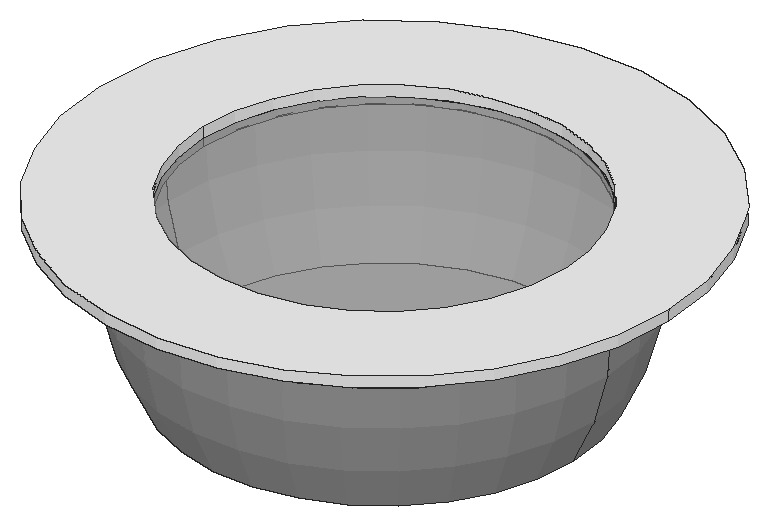
Revit family "3033925 Lighting Fixture_Sylvania_Insaver 150 HE Topper LED_Ceiling Recessed", category Lighting Fixtures, host Face, Revit 2017
Family settings
  Host = Face
  Round Connector Dimension = Use Diameter
  Part Type = Normal
  OmniClass Number = 23.80.70.11.17
  OmniClass Title = Specialized Lighting by Location or Use
  Cut with Voids When Loaded = No
  Light Source = Yes
  Shared = No
  Room Calculation Point = No
Parameters (values of type "Insaver 150 HE Topper LED NW")
  Weight = 0.80 kg  # constant formula
  Wattage = 10.0667 W
  built-in parameter 1150110 = 1 (stored number, unit not read)
  Voltage Comments = "UNV (Universal Voltage; 220-240 Volt)"  # constant formula
  Voltage = 240 V  # constant formula
  URL = "http://www.sylvania-lighting.com"
  built-in parameter 1114217 = 1 (stored number, unit not read)
  Tilt Angle = -90.00°  # constant formula
  built-in parameter 1150109 = 1 (stored number, unit not read)
  built-in parameter 1150134 = 12
  built-in parameter 1150113 = 1 (stored number, unit not read)
  Reflector Material = Polycarbonate_Sylvania_Insaver HE Topper LED_Silver
  Recessed Depth = Height  # 46.0 mm
  Radius = Diameter / 2  # 82.5 mm
  Product Page URL = "http://www.sylvania-lighting.com/product/en-int/products/3033925"
  Product Family = "Insaver HE Topper LED"  # constant formula
  Photometry Comments = ""
  Photometric Web File = "3033919_Insaver150HETopperLEDNW-182937.ies"
  built-in parameter 1150105 = 391.19 (stored number, unit not read)
  Lumens = 604 lm
  built-in parameter 1150115 = 1 (stored number, unit not read)
  built-in parameter 1150137 = (empty or 0)
  built-in parameter 1150139 = (empty or 0)
  Life = "50 000"  # constant formula
  built-in parameter 1150112 = 1 (stored number, unit not read)
  built-in parameter 1150114 = 1 (stored number, unit not read)
  Lamp Comments = "Integrated LED"
  built-in parameter 1150132 = 2
  built-in parameter 1150102 = (empty or 0)
  built-in parameter 1150107 = 4000 (stored number, unit not read)
  built-in parameter 1150138 = (empty or 0)
  built-in parameter 1150106 = 3.9119 (stored number, unit not read)
  Glow Wire Test = 650 °C  # constant formula
  Emit from Circle Diameter = Diffuser Diameter  # 105.0 mm
  Emit Shape Visible in Rendering = no
  built-in parameter 1150104 = 5.5742 (stored number, unit not read)
  Drive Current = "350mA"  # constant formula
  Dimming Lamp Color Temperature Shift = <None>
  Diffuser Radius = Diffuser Diameter / 2  # 52.5 mm
  Diffuser Diameter = Diameter - 60.0 mm  # 105.0 mm
  Cutout Diameter = 145.0 mm
  Color Filter = 16777215
  Brace Outer Diameter = Cutout Diameter - 5.0 mm  # 140.0 mm
  Brace Inner Diameter = Brace Outer Diameter - 8.0 mm  # 132.0 mm
  Beam Angle = "64-69"  # constant formula
  built-in parameter 1114218 = 1 (stored number, unit not read)
  built-in parameter 1150133 = 10 (stored number, unit not read)
  IP Rating = "IP44"  # constant formula
  Height = 46.0 mm
  built-in parameter 1114216 [instance] = 1 (stored number, unit not read)
  Model = "3033919 Insaver 150 HE Topper LED NW"
  Manufacturer = "Feilo Sylvania"  # constant formula
  Lamp = "LED"
  Diffuser Material = Polycarbonate_Sylvania_Insaver HE Topper LED_Opal
  Description = "8W & 9W LED white downlight. Ideal for applications such as bathrooms, washrooms or public toilets. IP44 rating allows for installation in applicable zone 1 wet areas. Insaver HE Topper LED with sensor 4,000K delivers 604lm (luminaire lumen output), equating to 76lm/W (total system efficiency). Insaver HE Topper LED can integrate Sylvania PIR sensor and / or Plus3. Sylvania PIR sensor helps you cut energy costs by up to 60%, reduces carbon emissions and helps you comply with carbon reduction legislation and building regulations. Recessed diffuser for an improved visual comfort. Warm white (3,000K) or Neutral white (4,000K). Quick and easy to install. LED lifetime: 50,000 hours. Energy Class: A++, A+, A. LED technology provides an energy efficient solution with reduced maintenance costs"  # constant formula
  Default Elevation = 0.0 mm
  built-in parameter 1140040 [instance] = 1
  Assembly Code = "D5020200"
  Apparent Load Comments = ""
  Apparent Load = 8 VA
  Accessory Material = Aluminum_Sylvania_Insaver HE Topper LED_White
  Diameter = Cutout Diameter + 20.0 mm  # 165.0 mm
Types (8, lengths in mm): name | Wattage | built-in parameter 1150134 | Photometric Web File | built-in parameter 1150105 | Lumens | built-in parameter 1150107 | built-in parameter 1150106 | Model
  Insaver 150 HE Topper LED WW | 8 W | (empty or 0) | "3033918_Insaver150HETopperLEDWW-182926.ies" | 310.88 (stored number, unit not read) | 480 lm | 3000 (stored number, unit not read) | 3.1088 (stored number, unit not read) | "3033918 Insaver 150 HE Topper LED WW"
  Insaver 150 HE Topper LED NW | 10.0667 W | 12 | "3033919_Insaver150HETopperLEDNW-182937.ies" | 391.19 (stored number, unit not read) | 604 lm | 4000 (stored number, unit not read) | 3.9119 (stored number, unit not read) | "3033919 Insaver 150 HE Topper LED NW"
  Insaver 150 HE Topper LED WW PIR | 8 W | (empty or 0) | "3033920_Insaver150HETopperLEDWWPIR-182948.ies" | 310.88 (stored number, unit not read) | 480 lm | 3000 (stored number, unit not read) | 3.1088 (stored number, unit not read) | "3033920 Insaver 150 HE Topper LED WW PIR"
  Insaver 150 HE Topper LED NW PIR Plus3 | 10.0667 W | 12 | "3033925_Insaver150HETopperLEDNWPIRPlus3-182999.ies" | 391.19 (stored number, unit not read) | 604 lm | 4000 (stored number, unit not read) | 3.9119 (stored number, unit not read) | "3033925 Insaver 150 HE Topper LED NW PIR Plus3"
  Insaver 150 HE Topper LED WW Plus3 | 8 W | (empty or 0) | "3033922_Insaver150HETopperLEDWWPlus3-182969.ies" | 310.88 (stored number, unit not read) | 480 lm | 3000 (stored number, unit not read) | 3.1088 (stored number, unit not read) | "3033922 Insaver 150 HE Topper LED WW Plus3"
  Insaver 150 HE Topper LED NW Plus3 | 10.0667 W | 12 | "3033923_Insaver150HETopperLEDNWPlus3-182979.ies" | 391.19 (stored number, unit not read) | 604 lm | 4000 (stored number, unit not read) | 3.9119 (stored number, unit not read) | "3033923 Insaver 150 HE Topper LED NW Plus3"
  Insaver 150 HE Topper LED NW PIR | 10.0667 W | 12 | "3033921_Insaver150HETopperLEDNWPIR-182959.ies" | 391.19 (stored number, unit not read) | 604 lm | 4000 (stored number, unit not read) | 3.9119 (stored number, unit not read) | "3033921 Insaver 150 HE Topper LED NW PIR"
  Insaver 150 HE Topper LED WW PIR Plus3 | 8 W | (empty or 0) | "3033924_Insaver150HETopperLEDWWPIRPlus3-182989.ies" | 310.88 (stored number, unit not read) | 480 lm | 3000 (stored number, unit not read) | 3.1088 (stored number, unit not read) | "3033924 Insaver 150 HE Topper LED WW PIR Plus3"
Reference planes
  plane 1 "Center (Front/Back)": y = 0
  plane 2: z = 0
  plane 3 "Center (Left/Right)": x = 0
  plane 4 "Fixture Top": z = -46
  plane 5 "Fixture Bottom": z = 3
  plane 6 "Brace Top": z = -7.043
  plane 7 "Diffuser Top": z = -2
Forms (mm)
  Extrusion 1, void
    sketch origin (0, 0, 58) x (-1, 0, 0) y (0, -1, 0)
      loop
        circle (0, 0) r 72.5
    from -104 to -55
  Extrusion 2, solid, material "Aluminum_Sylvania_Insaver HE Topper LED_White" <- "Accessory Material", detail levels fine
    sketch origin (0, 0, 58) x (-1, 0, 0) y (0, -1, 0)
      loop
        circle (0, 0) r 82.5
      loop
        circle (0, 0) r 52.5
    from -58 to -55
  Extrusion 3, solid, material "Aluminum_Sylvania_Insaver HE Topper LED_White" <- "Accessory Material", detail levels fine
    sketch origin (0, 0, 58) x (-1, 0, 0) y (0, -1, 0)
      loop
        circle (0, 0) r 70
      loop
        circle (0, 0) r 66
    from -65.043 to -58
  Extrusion 4, solid, material "Polycarbonate_Sylvania_Insaver HE Topper LED_Opal" <- "Diffuser Material", detail levels fine
    sketch origin (0, 0, 58) x (-1, 0, 0) y (0, -1, 0)
      loop
        circle (0, 0) r 52.5
    from -60 to -58
  Revolve 5, solid, material "Polycarbonate_Sylvania_Insaver HE Topper LED_Silver" <- "Reflector Material", detail levels fine
    sketch origin (0, 0, 0) x (1, 0, 0) y (0, 0, 1)
      loop
        line (-52.5, 0) -> (-66, 0) -> (-66, -7.043)
        arc (-66, -7.043) -> (-63.197, -27.283) -> (-55, -46) r 74.484
        line (-55, -46) -> (0, -46) -> (0, -44) -> (-53.871, -44)
        arc (-53.871, -44) -> (-61.422, -26.203) -> (-64, -7.043) r 72.484
        line (-64, -7.043) -> (-64, -2) -> (-52.5, -2) -> (-52.5, 0)
      axis (0, 0) -> (0, -46)
    angle from 0 to 360
  Revolve 6, solid, material "Aluminum_Sylvania_Insaver HE Topper LED_White" <- "Accessory Material", detail levels coarse+medium
    sketch origin (0, 0, 0) x (1, 0, 0) y (0, 0, 1)
      loop
        line (-82.5, 3) -> (-82.5, 0) -> (-70, 0) -> (-70, -7.043) -> (-66, -7.043)
        arc (-66, -7.043) -> (-63.34, -27.324) -> (-55, -46) r 70.874
        line (-55, -46) -> (0, -46) -> (0, 3) -> (-82.5, 3)
      axis (0, 3) -> (0, -46)
    angle from 0 to 360
Cuts and joins
  joined: Extrusion 2, Extrusion 3
Dimensions and locks
  locked: plane 5 "Fixture Bottom" to plane 2 at 3
  locked: plane 5 "Fixture Bottom" to plane 6 "Brace Top" at 10.043
  locked: plane 2 to plane 7 "Diffuser Top" at 2
  locked: Revolve 5 sketch curve to Revolve 5 sketch curve at 13.5
  locked: Revolve 5 sketch curve to Revolve 5 sketch curve at 2  (x2)
  "Diffuser Radius": plane 3 "Center (Left/Right)" to Revolve 5 sketch curve
  "Height": plane 2 to plane 4 "Fixture Top"
  "Radius": plane 3 "Center (Left/Right)" to Revolve 6 sketch curve
  locked: Revolve 6 sketch curve to Revolve 6 sketch curve at 12.5
  locked: Revolve 6 sketch curve to Revolve 6 sketch curve at 4
  locked: Revolve 6 sketch curve to Revolve 6 sketch curve at 27.5
  "Cutout Diameter": diameter of Extrusion 1 sketch curve
  "Diameter": diameter of Extrusion 2 sketch curve
  "Diffuser Diameter": diameter of Extrusion 2 sketch curve
  "Brace Outer Diameter": diameter of Extrusion 3 sketch curve
  "Brace Inner Diameter": diameter of Extrusion 3 sketch curve
  "Diffuser Diameter": diameter of Extrusion 4 sketch curve
  aligned and locked: host face to level
  aligned and locked: level to plane 2
  aligned and locked: Extrusion 2 to plane 2
  aligned and locked: plane 5 "Fixture Bottom" to Extrusion 2
  aligned and locked: Extrusion 3 to plane 6 "Brace Top"
  aligned and locked: level to Extrusion 3
  aligned and locked: Extrusion 4 to plane 7 "Diffuser Top"
  aligned and locked: plane 2 to Extrusion 4
  aligned and locked: plane 4 "Fixture Top" to Revolve 5 sketch curve
  aligned and locked: plane 7 "Diffuser Top" to Revolve 5 sketch curve
  aligned and locked: plane 2 to Revolve 5 sketch curve
  aligned and locked: Revolve 5 sketch curve to plane 3 "Center (Left/Right)"
  aligned and locked: plane 5 "Fixture Bottom" to Extrusion 1
  aligned and locked: plane 4 "Fixture Top" to Extrusion 1
  aligned and locked: plane 3 "Center (Left/Right)" to Revolve 6 sketch curve
  aligned and locked: plane 4 "Fixture Top" to Revolve 6 sketch curve
  aligned and locked: Revolve 6 sketch curve to plane 6 "Brace Top"
  aligned and locked: Revolve 6 sketch curve to plane 2
  aligned and locked: Revolve 6 sketch curve to plane 5 "Fixture Bottom"
  aligned and locked: Revolve 6 sketch curve to plane 3 "Center (Left/Right)"
  aligned and locked: imposter light to plane 3 "Center (Left/Right)"
  aligned and locked: imposter light to plane 5 "Fixture Bottom"
  aligned and locked: imposter light to plane 1 "Center (Front/Back)"
Automatic sketch dimensions
  host sketch curve to host sketch curve = 700.0 mm
  host sketch curve to host sketch curve = 620.0 mm
  plane 1 "Center (Front/Back)" to Extrusion 1 sketch curve = 0.0 mm
  Extrusion 1 sketch curve to plane 3 "Center (Left/Right)" = 0.0 mm
  Extrusion 2 sketch curve to Extrusion 2 sketch curve = 0.0 mm  (x2)
  plane 1 "Center (Front/Back)" to Extrusion 2 sketch curve = 0.0 mm
  Extrusion 2 sketch curve to plane 3 "Center (Left/Right)" = 0.0 mm
  Extrusion 3 sketch curve to Extrusion 3 sketch curve = 0.0 mm  (x2)
  plane 1 "Center (Front/Back)" to Extrusion 3 sketch curve = 0.0 mm
  Extrusion 3 sketch curve to plane 3 "Center (Left/Right)" = 0.0 mm
  plane 1 "Center (Front/Back)" to Extrusion 4 sketch curve = 0.0 mm
  Extrusion 4 sketch curve to plane 3 "Center (Left/Right)" = 0.0 mm
  Revolve 5 sketch curve to Revolve 5 sketch curve = 0.0 mm  (x2)
  Revolve 5 sketch curve to plane 3 "Center (Left/Right)" = 0.0 mm
  Revolve 5 sketch curve to plane 6 "Brace Top" = 0.0 mm
  Revolve 5 sketch curve to Revolve 5 sketch curve = 9.0 mm
  plane 4 "Fixture Top" to Revolve 5 sketch curve = 48.097 mm
  plane 5 "Fixture Bottom" to Revolve 5 sketch curve = 53.903 mm
  Revolve 6 sketch curve to plane 6 "Brace Top" = 1.021 mm
  plane 4 "Fixture Top" to Revolve 6 sketch curve = 72.33 mm
  Revolve 6 sketch curve to Revolve 6 sketch curve = 53.67 mm
Connectors
  electrical at (0, 0, -46), driven by "Voltage", driven by "Apparent Load"
    settings: on Revolve 5, index 1, voltage 240 V, apparent load 0 VA, apparent load phase1 8 VA, apparent load phase2 0 VA, apparent load phase3 0 VA, power factor 1, load classification "Lighting", number of poles 1, system type 31, power factor state 1, is connector primary yes, connector utility no, sub classification motor no, connector description ""
